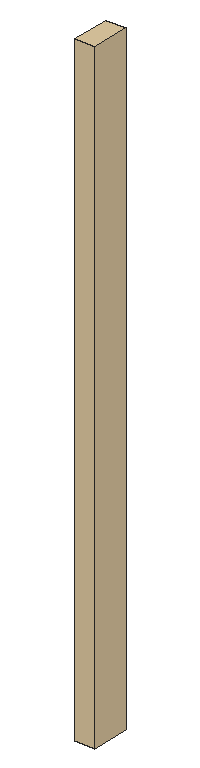
Revit family "M_Glulam-Espécies ocidentais-Coluna", category Pilares estruturais, Revit 2019
Family settings
  Forma do corte = Não definido
  Material para o comportamento do modelo = Madeira
  Exportar sempre como geometria = Não
  Redução da viga na planta = Da caixa de vinculação
  Número OmniClass = 23.25.30.11.14.11
  Título OmniClass = Columns
  ID de item do Seek = Glulam-Western Species-Column-0000-CAN-ENU
  Corte com vazios quando carregada = Não
  Representação simbólica = Das configurações de projeto
  Compartilhado = Não
  Exibir o pré-corte da família na vista da planta = Sim
Parameters (values of type "79x152")
  b = 79 mm
  d = 152 mm
  Structural Material [instance] = Madeira de Conífera, Madeira
Types (3, lengths in mm): name | b
  (no name) | 79
  79x152 | 79
  130x152 | 130
Reference planes
  plane 1 "Centro (Frente/Trás)": y = 0
  plane 2: z = 0
  plane 3 "Centro (Esquerda/Direita)": x = 0
  plane 4: x = -39.5
  plane 5: x = 39.5
  plane 6: y = 76
  plane 7: y = -76
Forms (mm)
  Extrusion 1, solid, material "Madeira de Conífera, Madeira" <- "Structural Material", detail levels medium+fine
    sketch origin (0, 0, 0) x (1, 0, 0) y (0, 1, 0)
      loop
        line (-39.5, 76) -> (-39.5, -76) -> (39.5, -76) -> (39.5, 76) -> (-39.5, 76)
    from 0 to 2500
Lines and regions (mm)
  symbolic lines, style "StructuralColumnStickSymbols", detail levels coarse
    curve 1: line (-39.5, 76, 0) -> (39.5, 76, 0)
    curve 2: line (-39.5, -76, 0) -> (39.5, -76, 0)
    curve 3: line (-39.5, 76, 0) -> (-39.5, -76, 0)
    curve 4: line (39.5, 76, 0) -> (39.5, -76, 0)
Dimensions and locks
  equal spacing: plane 4, plane 3 "Centro (Esquerda/Direita)", plane 5
  equal spacing: plane 7, plane 1 "Centro (Frente/Trás)", plane 6
  "d": plane 7 to plane 6
  "b": plane 4 to plane 5
  aligned and locked: plane 6 to Extrusion 1 sketch curve
  aligned and locked: Extrusion 1 sketch curve to plane 7
  aligned and locked: Extrusion 1 sketch curve to plane 4
  aligned and locked: plane 5 to Extrusion 1 sketch curve
  aligned and locked: level to Extrusion 1
  aligned and locked: level to plane 2
  aligned and locked: Extrusion 1 to plane 2
Automatic sketch dimensions
  curve 3 to plane 4 = 0 mm
  curve 4 to plane 5 = 0 mm
  curve 3 to plane 7 = 0 mm
  curve 3 to plane 6 = 0 mm
